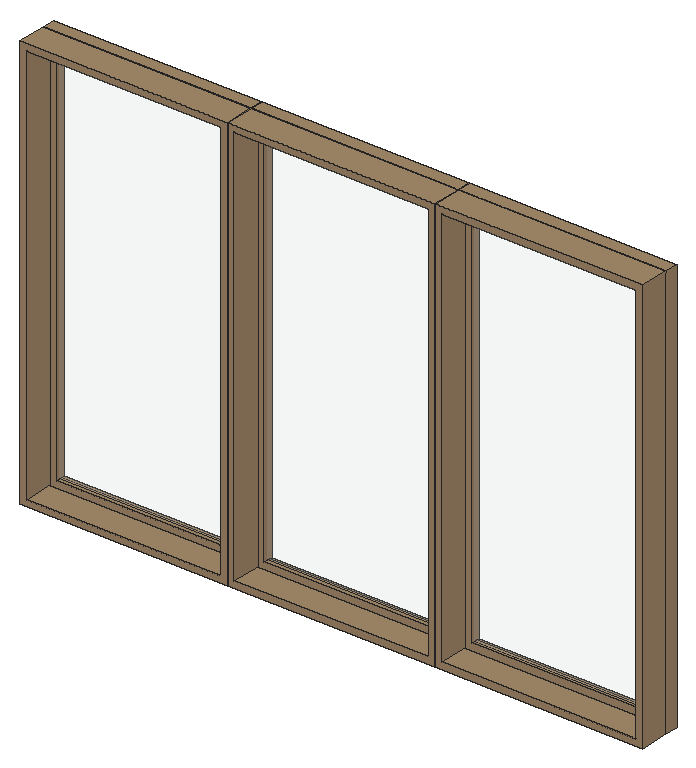
Revit family "3.00X2.00_VwWindow", category Windows, host Wall, Revit 2021
Family settings
  Host = Wall
  OmniClass Number = 23.30.20.17.11
  OmniClass Title = Fixed Windows
  Always vertical = Yes
  Cut with Voids When Loaded = No
  Shared = No
  Room Calculation Point = No
Parameters (values of type "3.00 x 2.00")
  Window Width [instance] = 1.00 m
  Window Height [instance] = 2.00 m
  Visual Light Transmittance = 0.9
  Thermal Resistance (R) = 1.53941 (h·ft²·°F)/BTU
  Solar Heat Gain Coefficient = 0.78
  Define Thermal Properties by = Schematic Type
  Construction Type Id = "GSP4R"
  Heat Transfer Coefficient (U) = 0.6496 BTU/(h·ft²·°F)
  Assembly Code = "B2020100"
  Glass Pane Material = Glass
  Height = 2.00 m
  Sash Material = Sash
  Default Sill Height = 0.9144 m
  Wall Closure = By host
  Width = 1.00 m
  Window Inset = 0.01905 m
  Analytic Construction = "1/8 in Pilkington single glazing"
Types (4, lengths in m): name | Height | Width
  3.00 x 2.00 | 2.00 | 1.00
  2 x 2 | 2.06 | 2.06
  0.53 | 2.10 | 0.53
  1 x 2 | 2.00 | 1.00
Reference planes (m)
  plane 1: y = 0
  plane 2: z = 0
  plane 3 "Center": x = -0.0381
  plane 4 "Left": x = -0.5381
  plane 5 "Right": x = 0.4619
  plane 6 "Sill": z = 0.9144
  plane 7 "Top": z = 2.9144
  plane 8: y = 0.1016
  plane 9: y = -0.1016
  plane 10: y = 0.08255
  plane 11: x = -0.51905
  plane 12: x = -0.50635
  plane 13: x = 0.44285
  plane 14: x = 0.43015
  plane 15: z = 2.89535
  plane 16: z = 2.88265
  plane 17: z = 0.94615
  plane 18 "Closure": y = 0.053975
Forms (m)
  Extrusion 1, solid, material "Sash" <- "Sash Material"
    sketch origin (0, 0, 0) x (1, 0, 0) y (0, 0, 1)
      loop
        line (-0.5381, 2.9144) -> (-0.5381, 0.9144) -> (0.4619, 0.9144) -> (0.4619, 2.9144) -> (-0.5381, 2.9144)
      loop
        line (-0.51905, 2.89535) -> (-0.51905, 0.93345) -> (0.44285, 0.93345) -> (0.44285, 2.89535) -> (-0.51905, 2.89535)
    from -0.1016 to -0.0381
  Extrusion 2, solid, material "Sash" <- "Sash Material"
    sketch origin (0, 0, 0) x (-1, 0, 0) y (0, 0, 1)
      loop
        line (-0.4619, 2.9144) -> (-0.4619, 0.9144) -> (0.5381, 0.9144) -> (0.5381, 2.9144) -> (-0.4619, 2.9144)
      loop
        line (-0.43015, 2.88265) -> (-0.43015, 0.94615) -> (0.50635, 0.94615) -> (0.50635, 2.88265) -> (-0.43015, 2.88265)
    from 0.0381 to -0.1016
  Extrusion 3, solid, material "Sash" <- "Sash Material"
    sketch origin (0, 0, 0) x (-1, 0, 0) y (0, 0, 1)
      loop
        line (-0.44285, 2.89535) -> (-0.44285, 0.93345) -> (0.51905, 0.93345) -> (0.51905, 2.89535) -> (-0.44285, 2.89535)
      loop
        line (-0.3984, 2.8509) -> (-0.3984, 0.9779) -> (0.4746, 0.9779) -> (0.4746, 2.8509) -> (-0.3984, 2.8509)
    from 0.0381 to 0.08255
  Extrusion 4, solid, material "Glass" <- "Glass Pane Material"
    sketch origin (-0.124971, 0, -0.117036) x (1, 0, 0) y (0, 0, 1)
      loop
        line (-0.349629, 2.967936) -> (-0.349629, 1.094936) -> (0.523371, 1.094936) -> (0.523371, 2.967936) -> (-0.349629, 2.967936)
    from -0.066675 to -0.053975
  Extrusion 5, solid, material "Sash" <- "Sash Material"
    sketch origin (-1, 0, 0) x (1, 0, 0) y (0, 0, 1)
      loop
        line (-0.5381, 2.9144) -> (-0.5381, 0.9144) -> (0.4619, 0.9144) -> (0.4619, 2.9144) -> (-0.5381, 2.9144)
      loop
        line (-0.51905, 2.89535) -> (-0.51905, 0.93345) -> (0.44285, 0.93345) -> (0.44285, 2.89535) -> (-0.51905, 2.89535)
    from -0.1016 to -0.0381
  Extrusion 6, solid, material "Sash" <- "Sash Material"
    sketch origin (-1, 0, 0) x (-1, 0, 0) y (0, 0, 1)
      loop
        line (-0.4619, 2.9144) -> (-0.4619, 0.9144) -> (0.5381, 0.9144) -> (0.5381, 2.9144) -> (-0.4619, 2.9144)
      loop
        line (-0.43015, 2.88265) -> (-0.43015, 0.94615) -> (0.50635, 0.94615) -> (0.50635, 2.88265) -> (-0.43015, 2.88265)
    from 0.0381 to -0.1016
  Extrusion 7, solid, material "Sash" <- "Sash Material"
    sketch origin (-1, 0, 0) x (-1, 0, 0) y (0, 0, 1)
      loop
        line (-0.44285, 2.89535) -> (-0.44285, 0.93345) -> (0.51905, 0.93345) -> (0.51905, 2.89535) -> (-0.44285, 2.89535)
      loop
        line (-0.3984, 2.8509) -> (-0.3984, 0.9779) -> (0.4746, 0.9779) -> (0.4746, 2.8509) -> (-0.3984, 2.8509)
    from 0.0381 to 0.08255
  Extrusion 8, solid, material "Glass" <- "Glass Pane Material"
    sketch origin (-1.124971, 0, -0.117036) x (1, 0, 0) y (0, 0, 1)
      loop
        line (-0.349629, 2.967936) -> (-0.349629, 1.094936) -> (0.523371, 1.094936) -> (0.523371, 2.967936) -> (-0.349629, 2.967936)
    from -0.066675 to -0.053975
  Extrusion 9, solid, material "Sash" <- "Sash Material"
    sketch origin (-2, 0, 0) x (1, 0, 0) y (0, 0, 1)
      loop
        line (-0.5381, 2.9144) -> (-0.5381, 0.9144) -> (0.4619, 0.9144) -> (0.4619, 2.9144) -> (-0.5381, 2.9144)
      loop
        line (-0.51905, 2.89535) -> (-0.51905, 0.93345) -> (0.44285, 0.93345) -> (0.44285, 2.89535) -> (-0.51905, 2.89535)
    from -0.1016 to -0.0381
  Extrusion 10, solid, material "Sash" <- "Sash Material"
    sketch origin (-2, 0, 0) x (-1, 0, 0) y (0, 0, 1)
      loop
        line (-0.4619, 2.9144) -> (-0.4619, 0.9144) -> (0.5381, 0.9144) -> (0.5381, 2.9144) -> (-0.4619, 2.9144)
      loop
        line (-0.43015, 2.88265) -> (-0.43015, 0.94615) -> (0.50635, 0.94615) -> (0.50635, 2.88265) -> (-0.43015, 2.88265)
    from 0.0381 to -0.1016
  Extrusion 11, solid, material "Sash" <- "Sash Material"
    sketch origin (-2, 0, 0) x (-1, 0, 0) y (0, 0, 1)
      loop
        line (-0.44285, 2.89535) -> (-0.44285, 0.93345) -> (0.51905, 0.93345) -> (0.51905, 2.89535) -> (-0.44285, 2.89535)
      loop
        line (-0.3984, 2.8509) -> (-0.3984, 0.9779) -> (0.4746, 0.9779) -> (0.4746, 2.8509) -> (-0.3984, 2.8509)
    from 0.0381 to 0.08255
  Extrusion 12, solid, material "Glass" <- "Glass Pane Material"
    sketch origin (-2.124971, 0, -0.117036) x (1, 0, 0) y (0, 0, 1)
      loop
        line (-0.349629, 2.967936) -> (-0.349629, 1.094936) -> (0.523371, 1.094936) -> (0.523371, 2.967936) -> (-0.349629, 2.967936)
    from -0.066675 to -0.053975
Lines and regions (m)
  Opening 1
    outline origin (-1.524, -0.1016, 0) x (1, 0, 0) y (0, 0, 1)
      loop
        line (0.9859, 2.9144) -> (0.9859, 0.9144) -> (1.9859, 0.9144) -> (1.9859, 2.9144) -> (0.9859, 2.9144)
  Opening 2
    outline origin (-1.01797, 0.1016, 0) x (-1, 0, 0) y (0, 0, 1)
      loop
        line (0.52013, 2.9144) -> (-0.47987, 2.9144) -> (-0.47987, 0.9144) -> (0.52013, 0.9144) -> (0.52013, 2.9144)
  Opening 3
    outline origin (-0.50333, 0.1016, -0.03175) x (-1, 0, 0) y (0, 0, 1)
      loop
        line (2.03477, 2.94615) -> (1.03477, 2.94615) -> (1.03477, 0.94615) -> (2.03477, 0.94615) -> (2.03477, 2.94615)
  symbolic lines, style "WindowsFrameMullionProjection"
    curve 1: line (-0.5381, 0.1016, 0) -> (-0.51905, 0.1016, 0)
    curve 2: line (-0.51905, 0.0381, 0) -> (-0.51905, 0.1016, 0)
    curve 3: line (-0.51905, 0.0381, 0) -> (-0.50635, 0.0381, 0)
    curve 4: line (-0.50635, -0.1016, 0) -> (-0.50635, 0.0381, 0)
    curve 5: line (0.4619, 0.1016, 0) -> (0.44285, 0.1016, 0)
    curve 6: line (0.43015, 0.0381, 0) -> (0.43015, -0.1016, 0)
    curve 7: line (0.43015, 0.0381, 0) -> (0.44285, 0.0381, 0)
    curve 8: line (0.44285, 0.0381, 0) -> (0.44285, 0.1016, 0)
    curve 9: line (-0.51905, 0.08255, 0) -> (-0.4746, 0.08255, 0)
    curve 10: line (-0.51905, 0.08255, 0) -> (-0.51905, 0.0381, 0)
    curve 11: line (-0.51905, 0.0381, 0) -> (-0.4746, 0.0381, 0)
    curve 12: line (-0.4746, 0.08255, 0) -> (-0.4746, 0.0381, 0)
    curve 13: line (0.44285, 0.08255, 0) -> (0.3984, 0.08255, 0)
    curve 14: line (0.44285, 0.08255, 0) -> (0.44285, 0.0381, 0)
    curve 15: line (0.44285, 0.0381, 0) -> (0.3984, 0.0381, 0)
    curve 16: line (0.3984, 0.08255, 0) -> (0.3984, 0.0381, 0)
    curve 18: line (-0.50635, -0.1016, 0) -> (-0.5381, -0.1016, 0)
    curve 19: line (0.43015, -0.1016, 0) -> (0.4619, -0.1016, 0)
  symbolic lines, style "WindowsGlassProjection"
    curve 17: line (-0.4746, 0.060325, 0) -> (0.3984, 0.060325, 0)
Text (m)
  text "EXTERIOR" at (-1.437207, 1.354346, 0), in view "Floor Line"
  text "INTERIOR" at (-1.490695, -1.070518, 0), in view "Floor Line"
  text "Exterior" at (0, 1.10887, 3.415022), in view "Left"
  text "Exterior" at (0, 0.464664, 3.176206), in view "Right"
Dimensions and locks (m)
  equal spacing: plane 4 "Left", plane 3 "Center", plane 5 "Right"
  "Window Width": plane 4 "Left" to plane 5 "Right"
  plane 2 to plane 6 "Sill" to plane 16 to plane 7 "Top" = 0.9144 m, 1.96825 m, 0.03175 m
  "Window Inset": plane 8 to plane 10
  locked: plane 10 to Extrusion 3 at 0.04445
  locked: plane 10 to Extrusion 4 at 0.015875
  locked: Extrusion 4 to Extrusion 4 at 0.0127
  locked: plane 4 "Left" to plane 11 at 0.01905
  locked: plane 13 to plane 5 "Right" at 0.01905
  locked: plane 14 to plane 5 "Right" at 0.03175
  locked: plane 4 "Left" to plane 12 at 0.03175
  locked: plane 15 to plane 7 "Top" at 0.01905
  locked: plane 7 "Top" to plane 16 at 0.03175
  locked: plane 17 to plane 6 "Sill" at 0.03175
  "Window Height": plane 7 "Top" to plane 6 "Sill"
  "Default Sill Height": plane 6 "Sill" to plane 2
  locked: plane 10 to plane 18 "Closure" at 0.028575
  aligned and locked: plane 7 "Top" to Opening 1 sketch curve
  aligned and locked: plane 6 "Sill" to Opening 1 sketch curve  (x2)
  aligned and locked: plane 5 "Right" to Opening 1 sketch curve
  aligned and locked: plane 4 "Left" to Opening 1 sketch curve
  aligned and locked: plane 9 to host wall
  aligned and locked: host wall to Extrusion 2
  aligned and locked: plane 10 to Extrusion 3
  aligned and locked: plane 8 to host wall
  aligned and locked: host wall to Extrusion 1
  aligned and locked: Extrusion 2 to Extrusion 1
  aligned and locked: Extrusion 1 to Extrusion 3
  aligned and locked: Extrusion 4 sketch curve to Extrusion 3  (x4)
  aligned and locked: curve 5 to Extrusion 1  (x2)
  aligned and locked: curve 6 to Extrusion 2
  aligned and locked: curve 4 to Extrusion 2
  aligned and locked: curve 16 to Extrusion 3
  aligned and locked: Extrusion 1 to curve 11
  aligned and locked: Extrusion 1 to curve 7
  aligned and locked: host wall to Extrusion 6
  aligned and locked: host wall to Extrusion 5
  aligned and locked: Extrusion 6 to Extrusion 5
  aligned and locked: Extrusion 5 to Extrusion 7
  aligned and locked: Extrusion 8 sketch curve to Extrusion 7  (x4)
  aligned and locked: host wall to Extrusion 10
  aligned and locked: host wall to Extrusion 9
  aligned and locked: Extrusion 10 to Extrusion 9
  aligned and locked: Extrusion 9 to Extrusion 11
  aligned and locked: Extrusion 12 sketch curve to Extrusion 11  (x4)
Automatic sketch dimensions
  Extrusion 1 sketch curve to plane 4 "Left" = 0.00 m
  Extrusion 1 sketch curve to plane 5 "Right" = 0.00 m
  Extrusion 1 sketch curve to plane 4 "Left" = 0.01905 m
  plane 5 "Right" to Extrusion 1 sketch curve = 0.01905 m
  Extrusion 1 sketch curve to plane 6 "Sill" = 0.00 m
  Extrusion 1 sketch curve to plane 7 "Top" = 0.00 m
  Extrusion 1 sketch curve to plane 6 "Sill" = 0.01905 m
  plane 7 "Top" to Extrusion 1 sketch curve = 0.01905 m
  Extrusion 2 sketch curve to plane 5 "Right" = 0.00 m
  Extrusion 2 sketch curve to plane 4 "Left" = 0.00 m
  plane 5 "Right" to Extrusion 2 sketch curve = 0.03175 m
  Extrusion 2 sketch curve to plane 4 "Left" = 0.03175 m
  Extrusion 2 sketch curve to plane 6 "Sill" = 0.00 m
  Extrusion 2 sketch curve to plane 7 "Top" = 0.00 m
  Extrusion 2 sketch curve to plane 6 "Sill" = 0.03175 m
  plane 7 "Top" to Extrusion 2 sketch curve = 0.03175 m
  plane 5 "Right" to Extrusion 3 sketch curve = 0.01905 m
  plane 5 "Right" to Extrusion 3 sketch curve = 0.0635 m
  Extrusion 3 sketch curve to plane 4 "Left" = 0.0635 m
  Extrusion 3 sketch curve to plane 4 "Left" = 0.01905 m
  Extrusion 3 sketch curve to plane 6 "Sill" = 0.01905 m
  Extrusion 3 sketch curve to plane 6 "Sill" = 0.0635 m
  plane 7 "Top" to Extrusion 3 sketch curve = 0.0635 m
  plane 7 "Top" to Extrusion 3 sketch curve = 0.01905 m
  Opening 2 sketch curve to plane 7 "Top" = 0.00 m
  Opening 2 sketch curve to plane 6 "Sill" = 0.00 m
  plane 4 "Left" to Opening 2 sketch curve = 0.00 m
  Opening 2 sketch curve to Opening 2 sketch curve = 1.00 m
  Extrusion 5 sketch curve to plane 6 "Sill" = 0.00 m
  Extrusion 5 sketch curve to plane 7 "Top" = 0.00 m
  Extrusion 5 sketch curve to plane 15 = 0.00 m
  plane 4 "Left" to Extrusion 5 sketch curve = 1.00 m
  plane 17 to Extrusion 5 sketch curve = 0.0127 m
  Extrusion 5 sketch curve to Extrusion 5 sketch curve = 0.01905 m  (x2)
  plane 4 "Left" to Extrusion 5 sketch curve = 0.01905 m
  Extrusion 6 sketch curve to plane 6 "Sill" = 0.00 m
  Extrusion 6 sketch curve to plane 7 "Top" = 0.00 m
  Extrusion 6 sketch curve to plane 17 = 0.00 m
  Extrusion 6 sketch curve to plane 16 = 0.00 m
  plane 4 "Left" to Extrusion 6 sketch curve = 0.00 m
  Extrusion 6 sketch curve to Extrusion 6 sketch curve = 0.03175 m  (x2)
  Extrusion 6 sketch curve to Extrusion 6 sketch curve = 0.9365 m
  Extrusion 7 sketch curve to plane 15 = 0.00 m
  plane 17 to Extrusion 7 sketch curve = 0.0127 m
  plane 4 "Left" to Extrusion 7 sketch curve = 0.01905 m
  Extrusion 7 sketch curve to Extrusion 7 sketch curve = 0.04445 m  (x2)
  plane 16 to Extrusion 7 sketch curve = 0.03175 m
  Extrusion 7 sketch curve to Extrusion 7 sketch curve = 0.873 m
  Extrusion 7 sketch curve to plane 17 = 0.03175 m
  host wall to curve 18 = 0.00 m
  curve 18 to plane 4 "Left" = 0.00 m
  curve 1 to host wall = 0.00 m
  curve 1 to plane 4 "Left" = 0.00 m
  curve 2 to plane 11 = 0.00 m
  curve 9 to plane 10 = 0.00 m
  curve 14 to plane 10 = 0.00 m
  curve 14 to plane 13 = 0.00 m
  host wall to curve 19 = 0.00 m
  curve 19 to plane 5 "Right" = 0.00 m
  curve 11 to plane 12 = 0.03175 m
  curve 17 to plane 18 "Closure" = 0.00635 m
  plane 17 to Opening 3 sketch curve = 0.03175 m
  Opening 3 sketch curve to plane 7 "Top" = 0.00 m
  plane 4 "Left" to Opening 3 sketch curve = 1.00 m
  Opening 3 sketch curve to Opening 3 sketch curve = 1.00 m
  plane 17 to Extrusion 9 sketch curve = 0.03175 m
  plane 4 "Left" to Extrusion 9 sketch curve = 2.00 m
  Extrusion 9 sketch curve to Extrusion 9 sketch curve = 0.01905 m  (x3)
  plane 7 "Top" to Extrusion 9 sketch curve = 0.01905 m
  Extrusion 9 sketch curve to Extrusion 9 sketch curve = 0.9619 m
  plane 17 to Extrusion 9 sketch curve = 0.0127 m
  plane 17 to Extrusion 10 sketch curve = 0.03175 m
  plane 7 "Top" to Extrusion 10 sketch curve = 0.03175 m
  plane 4 "Left" to Extrusion 10 sketch curve = 1.00 m
  Extrusion 10 sketch curve to Extrusion 10 sketch curve = 0.03175 m  (x2)
  Extrusion 10 sketch curve to Extrusion 10 sketch curve = 0.9365 m
  Extrusion 10 sketch curve to plane 17 = 0.00 m
  Extrusion 10 sketch curve to plane 7 "Top" = 0.00 m
  plane 16 to Extrusion 11 sketch curve = 0.03175 m
  plane 17 to Extrusion 11 sketch curve = 0.0127 m
  plane 4 "Left" to Extrusion 11 sketch curve = 1.01905 m
  Extrusion 11 sketch curve to Extrusion 11 sketch curve = 0.04445 m  (x3)
  Extrusion 11 sketch curve to Extrusion 11 sketch curve = 0.873 m
  plane 7 "Top" to Extrusion 11 sketch curve = 0.01905 m
